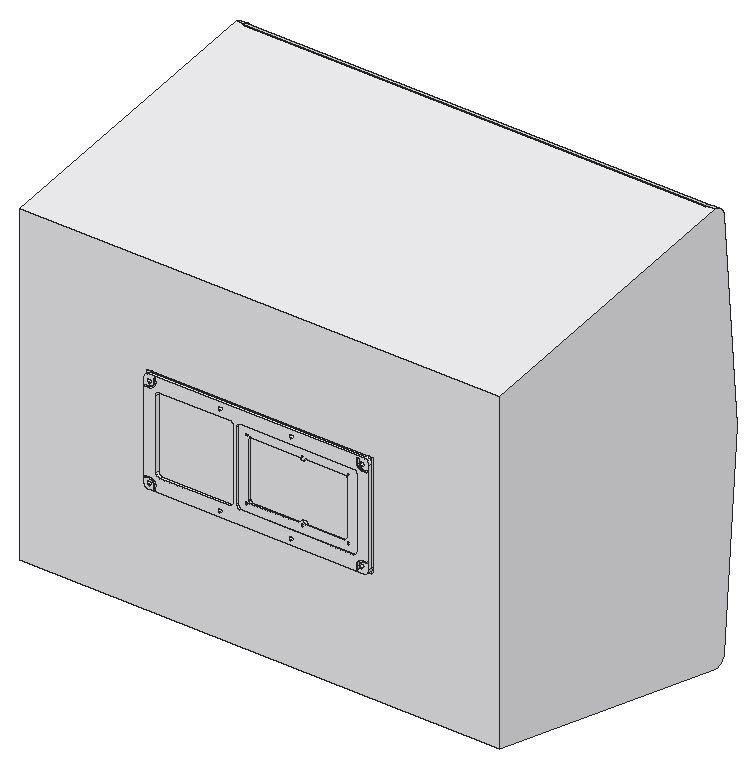
Revit family "EVA-2082S ", category Communication Devices, Revit 2017
Family settings
  Maintain Annotation Orientation = Yes
  Round Connector Dimension = Use Diameter
  Part Type = Normal
  OmniClass Number = 23.85.10.11.11.21
  OmniClass Title = Speakers
  Work Plane-Based = Yes
  Always vertical = Yes
  Cut with Voids When Loaded = No
  Shared = No
  Room Calculation Point = No
Parameters (values of type "EVA2082S920BLB_90x20_White_Weatherizad_Module")
  Version = "1"
  Uniclass2015Code = "Pr_60_75_08_02"
  URL = ""
  ProductInformation = "https://www.electrovoice.com/binary/EVA-2082S-920_Engineering_Data_Sheet.PDF"
  PlanningTools = "https://www.electrovoice.com/product.php?id=948#downloads"
  ModelNumber = "F.01U.272.492"
  Model = ""
  MaterialRALColour = "RAL9010"
  ManufacturerURL = "https://www.electrovoice.com"
  Manufacturer = "Electro Voice"
  LoudspeakerMaterial [instance] = 13-plyWeather-resistantBirchEVCoat -RAL9010
  GrillMaterial [instance] = 16GA Powder-coatedGalvanneal - W
  Default Elevation = 1219.20 mm
  CTN = "EVA2082S920BLB"
  BackHeight = 391.87 mm  # constant formula
  FrontHeight = 510.06 mm  # constant formula
  InstallationManual = "https://www.electrovoice.com/binary/EVA-2082S-920_Engineering_Data_Sheet.PDF"
  IfcExportType = "IfcBuildingElementProxyType"
  IfcExportAs = "IfcBuildingElementProxy"
  Length = 596.90 mm  # constant formula
  Disclaimer = "http://resource.boschsecurity.com/information/BIM/Disclaimer_Electrovoice.pdf"
  Description = "True Line Array Performance. 90° Horizontal Coverage Pattern. 20° Vertical Coverage Pattern. 104 dB Sensitivity.Hidden Suspension Hardware. Single Amplifier Channel Drive Configuration for Entire Array."
  Depth = 369.14 mm  # constant formula
  ArchitectsAndEngineersSpecs = "https://www.electrovoice.com/binary/EVA-2082S-920_Engineering_Data_Sheet.PDF"
Reference planes
  plane 1 "Center (Front/Back)": y = 0
  plane 2: z = 0
  plane 3 "Center (Left/Right)": x = 0
Forms (mm)
  Extrusion 1, solid
    sketch origin (41.08, 253.152, 45.022) x (-1, 0, 0) y (0, -1, 0)
      loop
        line (-20.634, 250.621) -> (-5.289, 250.621) -> (-5.289, 253.121) -> (-20.634, 253.121) -> (-20.634, 250.621)
    from 217.781 to 244.634
  Sweep 2, solid, material "16GA Powder-coatedGalvanneal - W" <- "GrillMaterial"
    path origin (-0.392, 184.6, -44.978) x (0, -1, 0) y (0, 0, 1)
      loop
        arc (-150.355, 48.511) -> (-154.655, 49.293) -> (-157.412, 52.685) r 6.299
        arc (-157.412, 52.685) -> (-181.841, 300.89) -> (-157.412, 549.095) r 1273.133
        arc (-157.412, 549.095) -> (-155.168, 552.599) -> (-151.14, 553.647) r 5.705
    profile origin (-0.392, 339.256, 4.315) x (0, 0.509089, -0.860714) y (-1, 0, 0)
      loop
        line (3.75, -287.41) -> (3.75, 287.59) -> (-3.25, 287.59) -> (-3.25, -287.41) -> (3.75, -287.41)
Lines and regions (mm)
  model lines
    curve 1: line (0, 0.043, 450.944) -> (0, 1.194, 450.944)
    curve 2: line (0, 0.03, 59.074) -> (0, 1.181, 59.074)
    curve 3: line (0, -335.567, 512.23) -> (0, -336.567, 512.23)
    curve 4: line (0, 335.984, 0) -> (0, 335.984, 512.23)
    curve 5: line (-298.45, 369.31, 280) -> (-290.482, 369.31, 280)
Dimensions and locks
  "BackHeight": curve 1 to curve 2
  equal spacing: nested 2, plane 3 "Center (Left/Right)", nested 2, locked at 298.45 each
  "Length": nested 2 to nested 2
  "Depth": plane 1 "Center (Front/Back)" to nested 2
  level to nested 2 = 512.23 mm
  "BackHeight": nested 2 to nested 2
  aligned and locked: plane 2 to level
Automatic sketch dimensions
  Extrusion 1 sketch curve to plane 1 "Center (Front/Back)" = 0.03 mm
  plane 3 "Center (Left/Right)" to Extrusion 1 sketch curve = 61.714 mm
  Extrusion 1 sketch curve to Extrusion 1 sketch curve = 15.346 mm
  Extrusion 1 sketch curve to Extrusion 1 sketch curve = 2.50 mm
  curve 4 to level = 0.00 mm
  plane 1 "Center (Front/Back)" to curve 3 = 336.567 mm
  curve 3 to curve 3 = 1.00 mm
  curve 2 to plane 1 "Center (Front/Back)" = 0.03 mm
  curve 1 to plane 1 "Center (Front/Back)" = 0.043 mm
  curve 2 to curve 2 = 1.151 mm
  curve 1 to curve 1 = 1.151 mm
  curve 4 to plane 1 "Center (Front/Back)" = 335.984 mm
  level to curve 2 = 59.074 mm
  curve 1 to curve 3 = 61.286 mm
  curve 1 to curve 4 = 61.286 mm
  profile plane to Sweep 2 sketch curve = 3.25 mm
  Sweep 2 sketch curve to profile plane = 3.75 mm
  Sweep 2 sketch curve to profile plane = 287.41 mm
  profile plane to Sweep 2 sketch curve = 287.59 mm
  Sweep 2 sketch curve to plane 1 "Center (Front/Back)" = 336.417 mm
  level to Sweep 2 sketch curve = 9.737 mm
  Sweep 2 sketch curve to plane 1 "Center (Front/Back)" = 336.049 mm
  level to Sweep 2 sketch curve = 255.912 mm
  Sweep 2 sketch curve to Sweep 2 sketch curve = 493.268 mm
  Sweep 2 sketch curve to Sweep 2 sketch curve = 5.963 mm
  Sweep 2 sketch curve to Sweep 2 sketch curve = 5.595 mm
  Sweep 2 sketch curve to Sweep 2 sketch curve = 0.00 mm
  Sweep 2 sketch curve to Sweep 2 sketch curve = 0.676 mm
  Sweep 2 sketch curve to Sweep 2 sketch curve = 1.094 mm
  Sweep 2 sketch curve to Sweep 2 sketch curve = 2.029 mm
  curve 5 to plane 3 "Center (Left/Right)" = 298.45 mm
  curve 5 to curve 5 = 7.968 mm
  curve 5 to plane 1 "Center (Front/Back)" = 369.31 mm
Nested families
  nested 1: "InputPanel" at (-0.196, 0.009, 202.844), LoudspeakerMaterial <- "LoudspeakerMaterial", type "InputPanel", detail levels medium+fine
    with LoudspeakerMaterial 13-plyWeather-resistantBirchEVCoat -RAL9010
  nested 2: "EVA-2082S_Enclosure" at (0, 166.978, 0), LoudspeakerMaterial <- "LoudspeakerMaterial", type "EVA-2082S_Enclosure"
    with LoudspeakerMaterial 13-plyWeather-resistantBirchEVCoat -RAL9010
  nested 3: "L-EV" at (239.042, 369.598, 259.708) x (-1, 0, 0) z (0, 0, 1), type "L-EV", detail levels fine
Connectors
  electrical at (54.042, 0.03, 276.23)
    settings: on Extrusion 1, index 4, voltage 0 V, apparent load 0 VA, apparent load phase1 0 VA, apparent load phase2 0 VA, apparent load phase3 0 VA, power factor 1, load classification "Other", number of poles 1, system type 31, power factor state 1, is connector primary yes, connector utility no, sub classification motor no, connector description ""
Definition of nested family "InputPanel"
  Parameters (values of type "InputPanel")
    Material = "RAL9010"
    LoudspeakerMaterial [instance] = none
    Default Elevation = 1219.20 mm
  Reference planes
    plane 1 "Center (Front/Back)": y = 0
    plane 2: z = 0
    plane 3 "Center (Left/Right)": x = 0
  Forms (mm)
    Extrusion 1, solid, material <- "LoudspeakerMaterial", not visible
      sketch origin (18.736, -0.5, -73.012) x (1, 0, 0) y (0, 0, 1)
        loop
          arc (-158.866, 199.012) -> (-159.481, 198.758) -> (-159.736, 198.143) r 0.869
          line (-159.736, 198.143) -> (-159.736, 73.882)
          arc (-159.736, 73.882) -> (-159.481, 73.267) -> (-158.866, 73.012) r 0.869
          line (-158.866, 73.012) -> (121.395, 73.012)
          arc (121.395, 73.012) -> (122.01, 73.267) -> (122.264, 73.882) r 0.869
          line (122.264, 73.882) -> (122.264, 198.143)
          arc (122.264, 198.143) -> (122.01, 198.758) -> (121.395, 199.012) r 0.869
          line (121.395, 199.012) -> (-158.866, 199.012)
      from 0 to -0.5
    Extrusion 2, solid, material <- "LoudspeakerMaterial", detail levels medium+fine
      sketch origin (0, 0, 0) x (1, 0, 0) y (0, 0, 1)
        loop
          line (134.909, 125.031) -> (-132.479, 125.031)
          arc (-132.479, 125.031) -> (-136.938, 123.184) -> (-138.785, 118.724) r 6.306
          line (-138.785, 118.724) -> (-138.785, 2.656)
          arc (-138.785, 2.656) -> (-137.145, -1.571) -> (-133.106, -3.618) r 6.306
          line (-133.106, -3.618) -> (134.923, -3.618)
          arc (134.923, -3.618) -> (139.382, -1.771) -> (141.229, 2.689) r 6.306
          line (141.229, 2.689) -> (141.215, 118.725)
          arc (141.215, 118.725) -> (139.367, 123.184) -> (134.909, 125.031) r 6.306
        loop
          line (-32, 109) -> (-119, 109)
          arc (-119, 109) -> (-122.536, 107.536) -> (-124, 104) r 5
          line (-124, 104) -> (-124, 18.073)
          arc (-124, 18.073) -> (-122.536, 14.537) -> (-119, 13.073) r 5
          line (-119, 13.073) -> (-32, 13.068)
          arc (-32, 13.068) -> (-28.464, 14.537) -> (-27, 18.073) r 5
          line (-27, 18.073) -> (-27, 104)
          arc (-27, 104) -> (-28.464, 107.536) -> (-32, 109) r 5
        loop
          line (121.931, 109) -> (-17.996, 109)
          arc (-17.996, 109) -> (-21.532, 107.536) -> (-22.996, 104) r 5
          line (-22.996, 104) -> (-22.996, 18.073)
          arc (-22.996, 18.073) -> (-21.532, 14.537) -> (-17.996, 13.073) r 5
          line (-17.996, 13.073) -> (121.931, 13.068)
          arc (121.931, 13.068) -> (125.466, 14.537) -> (126.931, 18.073) r 5
          line (126.931, 18.073) -> (126.931, 104)
          arc (126.931, 104) -> (125.466, 107.536) -> (121.931, 109) r 5
        loop
          circle (-131.217, 117.431) r 2.623
        loop
          circle (-43.03, 117.431) r 2.623
        loop
          circle (45.408, 117.431) r 2.623
        loop
          circle (133.136, 117.431) r 2.623
        loop
          circle (-131.469, 3.695) r 2.623
        loop
          circle (-43.281, 3.695) r 2.623
        loop
          circle (45.157, 3.695) r 2.623
        loop
          circle (132.885, 3.695) r 2.623
      from 0 to 6.219
    Extrusion 3, solid, material <- "LoudspeakerMaterial"
      sketch origin (0, 0, 0) x (1, 0, 0) y (0, 0, 1)
        loop
          line (-138.785, 125.031) -> (-138.785, -3.618) -> (141.23, -3.618) -> (141.214, 125.031) -> (-138.785, 125.031)
      from 0 to 2.027
    Extrusion 4, solid, material <- "LoudspeakerMaterial", detail levels fine
      sketch origin (0, 2.973, 0) x (1, 0, 0) y (0, 0, 1)
        loop
          arc (-17.996, 109) -> (-21.532, 107.536) -> (-22.996, 104) r 5
          line (-22.996, 104) -> (-22.996, 18.073)
          arc (-22.996, 18.073) -> (-21.53, 14.535) -> (-17.996, 13.068) r 5
          line (-17.996, 13.068) -> (121.931, 13.073)
          arc (121.931, 13.073) -> (125.466, 14.537) -> (126.931, 18.073) r 5
          line (126.931, 18.073) -> (126.931, 104)
          arc (126.931, 104) -> (125.466, 107.536) -> (121.931, 109) r 5
          line (121.931, 109) -> (-17.996, 109)
        loop
          line (54.039, 97.778) -> (-7.991, 97.77)
          arc (-7.991, 97.77) -> (-8.799, 96.096) -> (-10.285, 94.977) r 3.948
          line (-10.285, 94.977) -> (-10.277, 26.4)
          arc (-10.277, 26.4) -> (-8.791, 25.282) -> (-7.981, 23.608) r 3.948
          line (-7.981, 23.608) -> (54.048, 23.615)
          arc (54.048, 23.615) -> (57.907, 26.731) -> (61.766, 23.616) r 3.948
          line (61.766, 23.616) -> (111.183, 23.622)
          arc (111.183, 23.622) -> (111.992, 25.297) -> (113.478, 26.415) r 3.948
          line (113.478, 26.415) -> (113.47, 94.993)
          arc (113.47, 94.993) -> (111.984, 96.11) -> (111.174, 97.785) r 3.948
          line (111.174, 97.785) -> (61.757, 97.779)
          arc (61.757, 97.779) -> (57.899, 94.663) -> (54.039, 97.778) r 3.948
        loop
          circle (57.898, 98.611) r 1.593
        loop
          circle (57.898, 22.673) r 1.593
        loop
          circle (114.809, 98.611) r 1.593
        loop
          circle (114.809, 22.673) r 1.593
        loop
          circle (-11.512, 98.611) r 1.593
        loop
          circle (-11.512, 22.673) r 1.593
      from 7.5 to 5
    Extrusion 5, solid, material <- "LoudspeakerMaterial", detail levels fine
      sketch origin (0, -1.219, 0) x (1, 0, 0) y (0, 0, 1)
        loop
          arc (-136.087, 111.908) -> (-136.669, 111.554) -> (-136.853, 110.898) r 0.929
          line (-136.853, 110.898) -> (-130.706, 110.884)
          arc (-130.706, 110.884) -> (-126.61, 112.865) -> (-124.668, 116.98) r 6.83
          line (-124.668, 116.98) -> (-124.689, 123.07)
          arc (-124.689, 123.07) -> (-125.343, 122.884) -> (-125.696, 122.302) r 0.93
          line (-125.696, 122.302) -> (-125.681, 117.428)
          arc (-125.681, 117.428) -> (-127.297, 113.511) -> (-131.213, 111.895) r 5.516
          line (-131.213, 111.895) -> (-136.087, 111.908)
        loop
          line (-136.087, 9.439) -> (-131.213, 9.451)
          arc (-131.213, 9.451) -> (-127.297, 7.835) -> (-125.681, 3.918) r 5.516
          line (-125.681, 3.918) -> (-125.696, -0.955)
          arc (-125.696, -0.955) -> (-125.343, -1.537) -> (-124.689, -1.723) r 0.93
          line (-124.689, -1.723) -> (-124.668, 4.366)
          arc (-124.668, 4.366) -> (-126.61, 8.481) -> (-130.706, 10.463) r 6.83
          line (-130.706, 10.463) -> (-136.853, 10.449)
          arc (-136.853, 10.449) -> (-136.669, 9.793) -> (-136.087, 9.439) r 0.929
        loop
          line (138.516, 111.908) -> (133.643, 111.895)
          arc (133.643, 111.895) -> (129.726, 113.511) -> (128.11, 117.428) r 5.516
          line (128.11, 117.428) -> (128.125, 122.302)
          arc (128.125, 122.302) -> (127.773, 122.884) -> (127.118, 123.07) r 0.93
          line (127.118, 123.07) -> (127.098, 116.98)
          arc (127.098, 116.98) -> (129.04, 112.865) -> (133.136, 110.884) r 6.83
          line (133.136, 110.884) -> (139.283, 110.898)
          arc (139.283, 110.898) -> (139.098, 111.554) -> (138.516, 111.908) r 0.929
        loop
          arc (138.516, 9.439) -> (139.098, 9.793) -> (139.283, 10.449) r 0.929
          line (139.283, 10.449) -> (133.136, 10.463)
          arc (133.136, 10.463) -> (129.04, 8.481) -> (127.098, 4.366) r 6.83
          line (127.098, 4.366) -> (127.118, -1.723)
          arc (127.118, -1.723) -> (127.773, -1.537) -> (128.125, -0.955) r 0.93
          line (128.125, -0.955) -> (128.11, 3.918)
          arc (128.11, 3.918) -> (129.726, 7.835) -> (133.643, 9.451) r 5.516
          line (133.643, 9.451) -> (138.516, 9.439)
      from 6 to 5
  Lines and regions (mm)
    model lines, not visible
      curve 1: arc (59.415, -9.5, 70.232) -> (59.756, -9.5, 68.636) -> (60.858, -9.5, 67.432) r 3.109
      curve 2: arc (59.414, -9.5, 82.845) -> (59.754, -9.5, 81.249) -> (60.857, -9.5, 80.045) r 3.109
      curve 3: arc (59.417, -9.5, 63.926) -> (59.752, -9.5, 62.34) -> (60.84, -9.5, 61.139) r 3.108
      curve 4: arc (59.415, -9.5, 76.539) -> (59.75, -9.5, 74.953) -> (60.838, -9.5, 73.752) r 3.108
      curve 5: arc (60.711, -9.5, 72.945) -> (59.72, -9.5, 71.753) -> (59.414, -9.5, 70.232) r 3.166
      curve 6: arc (60.71, -9.5, 85.557) -> (59.718, -9.5, 84.365) -> (59.412, -9.5, 82.845) r 3.166
      curve 7: arc (60.712, -9.5, 66.637) -> (59.721, -9.5, 65.445) -> (59.415, -9.5, 63.926) r 3.165
      curve 8: arc (60.71, -9.5, 79.25) -> (59.72, -9.5, 78.058) -> (59.414, -9.5, 76.539) r 3.165
      curve 9: arc (59.062, -9.5, 76.539) -> (58.721, -9.5, 78.135) -> (57.618, -9.5, 79.339) r 3.109
      curve 10: arc (59.063, -9.5, 63.926) -> (58.723, -9.5, 65.522) -> (57.62, -9.5, 66.726) r 3.109
      curve 11: arc (59.06, -9.5, 82.845) -> (58.725, -9.5, 84.431) -> (57.637, -9.5, 85.632) r 3.108
      curve 12: arc (59.062, -9.5, 70.232) -> (58.726, -9.5, 71.818) -> (57.638, -9.5, 73.019) r 3.108
      curve 13: arc (57.765, -9.5, 73.826) -> (58.757, -9.5, 75.018) -> (59.063, -9.5, 76.539) r 3.166
      curve 14: arc (57.767, -9.5, 61.214) -> (58.758, -9.5, 62.406) -> (59.065, -9.5, 63.926) r 3.166
      curve 15: arc (57.765, -9.5, 80.134) -> (58.756, -9.5, 81.326) -> (59.062, -9.5, 82.845) r 3.165
      curve 16: arc (57.767, -9.5, 67.521) -> (58.757, -9.5, 68.713) -> (59.063, -9.5, 70.232) r 3.165
      curve 17: arc (62.678, -9.5, 67.687) -> (63.752, -9.5, 68.757) -> (64.103, -9.5, 70.233) r 2.775
      curve 18: arc (63.369, -9.5, 67.367) -> (64.444, -9.5, 68.62) -> (64.794, -9.5, 70.233) r 3.371
      curve 19: arc (62.678, -9.5, 67.687) -> (62.999, -9.5, 67.474) -> (63.369, -9.5, 67.367) r 1.273
      curve 20: arc (62.676, -9.5, 80.299) -> (63.75, -9.5, 81.37) -> (64.101, -9.5, 82.846) r 2.775
      curve 21: arc (63.368, -9.5, 79.98) -> (64.442, -9.5, 81.233) -> (64.793, -9.5, 82.846) r 3.371
      curve 22: arc (62.676, -9.5, 80.299) -> (62.998, -9.5, 80.087) -> (63.368, -9.5, 79.98) r 1.273
      curve 23: arc (62.679, -9.5, 61.381) -> (63.752, -9.5, 62.452) -> (64.103, -9.5, 63.927) r 2.774
      curve 24: arc (63.37, -9.5, 61.062) -> (64.444, -9.5, 62.315) -> (64.794, -9.5, 63.927) r 3.37
      curve 25: arc (62.679, -9.5, 61.381) -> (63, -9.5, 61.169) -> (63.37, -9.5, 61.062) r 1.273
      curve 26: arc (62.677, -9.5, 73.994) -> (63.751, -9.5, 75.064) -> (64.101, -9.5, 76.539) r 2.774
      curve 27: arc (63.369, -9.5, 73.675) -> (64.442, -9.5, 74.927) -> (64.793, -9.5, 76.539) r 3.37
      curve 28: arc (62.677, -9.5, 73.994) -> (62.998, -9.5, 73.781) -> (63.369, -9.5, 73.675) r 1.273
      curve 29: arc (64.103, -9.5, 70.233) -> (63.752, -9.5, 71.708) -> (62.677, -9.5, 72.779) r 2.775
      curve 30: arc (63.369, -9.5, 73.098) -> (62.999, -9.5, 72.992) -> (62.677, -9.5, 72.779) r 1.273
      curve 31: arc (64.794, -9.5, 70.233) -> (64.443, -9.5, 71.846) -> (63.369, -9.5, 73.098) r 3.371
      curve 32: arc (64.101, -9.5, 82.846) -> (63.75, -9.5, 84.321) -> (62.676, -9.5, 85.392) r 2.775
      curve 33: arc (63.367, -9.5, 85.711) -> (62.997, -9.5, 85.604) -> (62.676, -9.5, 85.392) r 1.273
      curve 34: arc (64.793, -9.5, 82.846) -> (64.442, -9.5, 84.458) -> (63.367, -9.5, 85.711) r 3.371
      curve 35: arc (64.103, -9.5, 63.927) -> (63.752, -9.5, 65.401) -> (62.678, -9.5, 66.472) r 2.774
      curve 36: arc (63.37, -9.5, 66.791) -> (62.999, -9.5, 66.684) -> (62.678, -9.5, 66.472) r 1.273
      curve 37: arc (64.794, -9.5, 63.927) -> (64.444, -9.5, 65.539) -> (63.37, -9.5, 66.791) r 3.37
      curve 38: arc (64.101, -9.5, 76.539) -> (63.75, -9.5, 78.014) -> (62.676, -9.5, 79.084) r 2.774
      curve 39: arc (63.368, -9.5, 79.404) -> (62.998, -9.5, 79.297) -> (62.676, -9.5, 79.084) r 1.273
      curve 40: arc (64.793, -9.5, 76.539) -> (64.442, -9.5, 78.151) -> (63.368, -9.5, 79.404) r 3.37
      curve 41: arc (59.627, -9.5, 63.926) -> (59.978, -9.5, 62.451) -> (61.052, -9.5, 61.381) r 2.774
      curve 42: arc (61.051, -9.5, 66.471) -> (59.977, -9.5, 65.401) -> (59.627, -9.5, 63.926) r 2.774
      curve 43: arc (59.625, -9.5, 70.232) -> (59.976, -9.5, 68.757) -> (61.051, -9.5, 67.686) r 2.775
      curve 44: arc (61.05, -9.5, 72.779) -> (59.976, -9.5, 71.708) -> (59.625, -9.5, 70.232) r 2.775
      curve 45: arc (59.625, -9.5, 76.539) -> (59.976, -9.5, 75.064) -> (61.05, -9.5, 73.994) r 2.774
      curve 46: arc (61.049, -9.5, 79.084) -> (59.976, -9.5, 78.014) -> (59.625, -9.5, 76.539) r 2.774
      curve 47: arc (59.624, -9.5, 82.845) -> (59.975, -9.5, 81.37) -> (61.049, -9.5, 80.299) r 2.775
      curve 48: arc (61.049, -9.5, 85.391) -> (59.975, -9.5, 84.321) -> (59.624, -9.5, 82.845) r 2.775
      curve 49: arc (65.487, -9.5, 67.368) -> (66.537, -9.5, 68.57) -> (66.91, -9.5, 70.123) r 3.348
      curve 50: arc (65.485, -9.5, 79.98) -> (66.535, -9.5, 81.183) -> (66.909, -9.5, 82.735) r 3.348
      curve 51: arc (66.91, -9.5, 70.344) -> (66.536, -9.5, 71.896) -> (65.486, -9.5, 73.099) r 3.348
      curve 52: arc (66.909, -9.5, 82.956) -> (66.535, -9.5, 84.509) -> (65.485, -9.5, 85.711) r 3.348
      curve 53: arc (65.488, -9.5, 61.062) -> (66.543, -9.5, 62.278) -> (66.911, -9.5, 63.846) r 3.353
      curve 54: arc (65.486, -9.5, 73.675) -> (66.542, -9.5, 74.891) -> (66.909, -9.5, 76.458) r 3.353
      curve 55: arc (66.911, -9.5, 64.008) -> (66.543, -9.5, 65.576) -> (65.487, -9.5, 66.791) r 3.353
      curve 56: arc (66.909, -9.5, 76.621) -> (66.542, -9.5, 78.189) -> (65.485, -9.5, 79.404) r 3.353
      curve 57: arc (61.368, -9.5, 70.233) -> (61.701, -9.5, 68.86) -> (62.728, -9.5, 67.892) r 2.482
      curve 58: arc (61.369, -9.5, 63.926) -> (61.702, -9.5, 62.554) -> (62.729, -9.5, 61.585) r 2.482
      curve 59: arc (61.777, -9.5, 65.419) -> (61.47, -9.5, 64.701) -> (61.369, -9.5, 63.926) r 2.857
      curve 60: arc (62.453, -9.5, 65.577) -> (62.398, -9.5, 65.499) -> (62.347, -9.5, 65.419) r 2.446
      curve 61: arc (61.777, -9.5, 71.725) -> (61.469, -9.5, 71.007) -> (61.368, -9.5, 70.233) r 2.857
      curve 62: arc (62.452, -9.5, 71.883) -> (62.398, -9.5, 71.805) -> (62.346, -9.5, 71.725) r 2.446
      curve 63: arc (61.367, -9.5, 76.539) -> (61.7, -9.5, 75.167) -> (62.727, -9.5, 74.198) r 2.482
      curve 64: arc (61.367, -9.5, 82.845) -> (61.699, -9.5, 81.473) -> (62.727, -9.5, 80.504) r 2.482
      curve 65: arc (61.776, -9.5, 78.031) -> (61.469, -9.5, 77.313) -> (61.367, -9.5, 76.539) r 2.857
      curve 66: arc (62.452, -9.5, 78.19) -> (62.397, -9.5, 78.112) -> (62.345, -9.5, 78.032) r 2.446
      curve 67: arc (61.775, -9.5, 84.338) -> (61.468, -9.5, 83.62) -> (61.367, -9.5, 82.845) r 2.857
      curve 68: arc (62.451, -9.5, 84.496) -> (62.396, -9.5, 84.418) -> (62.345, -9.5, 84.338) r 2.446
      curve 69: arc (55.799, -9.5, 79.084) -> (54.725, -9.5, 78.014) -> (54.374, -9.5, 76.538) r 2.775
      curve 70: arc (55.107, -9.5, 79.404) -> (54.033, -9.5, 78.151) -> (53.682, -9.5, 76.538) r 3.371
      curve 71: arc (55.799, -9.5, 79.084) -> (55.478, -9.5, 79.297) -> (55.107, -9.5, 79.404) r 1.273
      curve 72: arc (55.8, -9.5, 66.472) -> (54.726, -9.5, 65.401) -> (54.376, -9.5, 63.925) r 2.775
      curve 73: arc (55.109, -9.5, 66.791) -> (54.035, -9.5, 65.538) -> (53.684, -9.5, 63.925) r 3.371
      curve 74: arc (55.8, -9.5, 66.472) -> (55.479, -9.5, 66.684) -> (55.109, -9.5, 66.791) r 1.273
      curve 75: arc (55.798, -9.5, 85.39) -> (54.725, -9.5, 84.319) -> (54.374, -9.5, 82.844) r 2.774
      curve 76: arc (55.107, -9.5, 85.709) -> (54.033, -9.5, 84.456) -> (53.682, -9.5, 82.844) r 3.37
      curve 77: arc (55.798, -9.5, 85.39) -> (55.477, -9.5, 85.602) -> (55.107, -9.5, 85.709) r 1.273
      curve 78: arc (55.8, -9.5, 72.777) -> (54.726, -9.5, 71.707) -> (54.376, -9.5, 70.232) r 2.774
      curve 79: arc (55.108, -9.5, 73.096) -> (54.034, -9.5, 71.844) -> (53.684, -9.5, 70.232) r 3.37
      curve 80: arc (55.8, -9.5, 72.777) -> (55.478, -9.5, 72.99) -> (55.108, -9.5, 73.096) r 1.273
      curve 81: arc (54.374, -9.5, 76.538) -> (54.725, -9.5, 75.063) -> (55.8, -9.5, 73.992) r 2.775
      curve 82: arc (55.108, -9.5, 73.673) -> (55.478, -9.5, 73.779) -> (55.8, -9.5, 73.992) r 1.273
      curve 83: arc (53.682, -9.5, 76.538) -> (54.033, -9.5, 74.925) -> (55.108, -9.5, 73.673) r 3.371
      curve 84: arc (54.376, -9.5, 63.925) -> (54.727, -9.5, 62.45) -> (55.801, -9.5, 61.379) r 2.775
      curve 85: arc (55.11, -9.5, 61.06) -> (55.48, -9.5, 61.167) -> (55.801, -9.5, 61.379) r 1.273
      curve 86: arc (53.684, -9.5, 63.925) -> (54.035, -9.5, 62.313) -> (55.11, -9.5, 61.06) r 3.371
      curve 87: arc (54.374, -9.5, 82.844) -> (54.725, -9.5, 81.369) -> (55.799, -9.5, 80.299) r 2.774
      curve 88: arc (55.107, -9.5, 79.98) -> (55.477, -9.5, 80.087) -> (55.799, -9.5, 80.299) r 1.273
      curve 89: arc (53.682, -9.5, 82.844) -> (54.033, -9.5, 81.232) -> (55.107, -9.5, 79.98) r 3.37
      curve 90: arc (54.376, -9.5, 70.232) -> (54.726, -9.5, 68.757) -> (55.8, -9.5, 67.687) r 2.774
      curve 91: arc (55.109, -9.5, 67.367) -> (55.479, -9.5, 67.474) -> (55.8, -9.5, 67.687) r 1.273
      curve 92: arc (53.684, -9.5, 70.232) -> (54.035, -9.5, 68.62) -> (55.109, -9.5, 67.367) r 3.37
      curve 93: arc (58.85, -9.5, 82.845) -> (58.499, -9.5, 84.32) -> (57.425, -9.5, 85.39) r 2.774
      curve 94: arc (57.426, -9.5, 80.3) -> (58.499, -9.5, 81.37) -> (58.85, -9.5, 82.845) r 2.774
      curve 95: arc (58.851, -9.5, 76.539) -> (58.5, -9.5, 78.014) -> (57.426, -9.5, 79.085) r 2.775
      curve 96: arc (57.427, -9.5, 73.992) -> (58.501, -9.5, 75.063) -> (58.851, -9.5, 76.539) r 2.775
      curve 97: arc (58.852, -9.5, 70.232) -> (58.501, -9.5, 71.707) -> (57.427, -9.5, 72.777) r 2.774
      curve 98: arc (57.427, -9.5, 67.687) -> (58.501, -9.5, 68.757) -> (58.852, -9.5, 70.232) r 2.774
      curve 99: arc (58.853, -9.5, 63.926) -> (58.502, -9.5, 65.401) -> (57.428, -9.5, 66.472) r 2.775
      curve 100: arc (57.428, -9.5, 61.38) -> (58.502, -9.5, 62.45) -> (58.853, -9.5, 63.926) r 2.775
      curve 101: arc (52.99, -9.5, 79.403) -> (51.94, -9.5, 78.2) -> (51.567, -9.5, 76.648) r 3.348
      curve 102: arc (52.991, -9.5, 66.791) -> (51.942, -9.5, 65.588) -> (51.568, -9.5, 64.036) r 3.348
      curve 103: arc (51.567, -9.5, 76.427) -> (51.94, -9.5, 74.875) -> (52.991, -9.5, 73.672) r 3.348
      curve 104: arc (51.568, -9.5, 63.815) -> (51.942, -9.5, 62.262) -> (52.992, -9.5, 61.06) r 3.348
      curve 105: arc (52.989, -9.5, 85.709) -> (51.933, -9.5, 84.493) -> (51.566, -9.5, 82.925) r 3.353
      curve 106: arc (52.991, -9.5, 73.096) -> (51.935, -9.5, 71.88) -> (51.567, -9.5, 70.313) r 3.353
      curve 107: arc (51.566, -9.5, 82.763) -> (51.934, -9.5, 81.195) -> (52.99, -9.5, 79.98) r 3.353
      curve 108: arc (51.567, -9.5, 70.15) -> (51.935, -9.5, 68.582) -> (52.991, -9.5, 67.367) r 3.353
      curve 109: arc (57.108, -9.5, 82.845) -> (56.775, -9.5, 84.217) -> (55.748, -9.5, 85.186) r 2.482
      curve 110: arc (57.109, -9.5, 76.538) -> (56.776, -9.5, 77.911) -> (55.749, -9.5, 78.879) r 2.482
      curve 111: arc (56.7, -9.5, 75.046) -> (57.007, -9.5, 75.764) -> (57.109, -9.5, 76.538) r 2.857
      curve 112: arc (56.024, -9.5, 74.888) -> (56.079, -9.5, 74.966) -> (56.131, -9.5, 75.046) r 2.446
      curve 113: arc (56.699, -9.5, 81.352) -> (57.007, -9.5, 82.07) -> (57.108, -9.5, 82.845) r 2.857
      curve 114: arc (56.024, -9.5, 81.194) -> (56.078, -9.5, 81.272) -> (56.13, -9.5, 81.352) r 2.446
      curve 115: arc (57.109, -9.5, 70.232) -> (56.777, -9.5, 71.604) -> (55.749, -9.5, 72.573) r 2.482
      curve 116: arc (57.11, -9.5, 63.926) -> (56.777, -9.5, 65.298) -> (55.75, -9.5, 66.267) r 2.482
      curve 117: arc (56.702, -9.5, 62.433) -> (57.009, -9.5, 63.151) -> (57.11, -9.5, 63.926) r 2.857
      curve 118: arc (56.026, -9.5, 62.275) -> (56.081, -9.5, 62.353) -> (56.132, -9.5, 62.433) r 2.446
      curve 119: arc (56.701, -9.5, 68.739) -> (57.008, -9.5, 69.458) -> (57.109, -9.5, 70.232) r 2.857
      curve 120: arc (56.025, -9.5, 68.581) -> (56.08, -9.5, 68.659) -> (56.131, -9.5, 68.739) r 2.446
      curve 121: spline (77.962, -9.5, 59.963) -> (78.093, -9.5, 59.972) -> (78.223, -9.5, 59.998) -> (78.348, -9.5, 60.04) -> (78.466, -9.5, 60.099) -> (78.576, -9.5, 60.172) -> (78.675, -9.5, 60.259) -> (78.762, -9.5, 60.358) -> (78.835, -9.5, 60.468) -> (78.894, -9.5, 60.586) -> (78.936, -9.5, 60.711) -> (78.962, -9.5, 60.841) -> (78.97, -9.5, 60.972)
      curve 122: spline (78.967, -9.5, 85.803) -> (78.959, -9.5, 85.935) -> (78.933, -9.5, 86.065) -> (78.891, -9.5, 86.19) -> (78.832, -9.5, 86.308) -> (78.759, -9.5, 86.418) -> (78.672, -9.5, 86.517) -> (78.573, -9.5, 86.604) -> (78.463, -9.5, 86.677) -> (78.344, -9.5, 86.735) -> (78.22, -9.5, 86.778) -> (78.09, -9.5, 86.804) -> (77.958, -9.5, 86.812)
      curve 123: spline (40.515, -9.5, 86.808) -> (40.383, -9.5, 86.799) -> (40.254, -9.5, 86.773) -> (40.129, -9.5, 86.731) -> (40.01, -9.5, 86.672) -> (39.901, -9.5, 86.599) -> (39.801, -9.5, 86.512) -> (39.714, -9.5, 86.413) -> (39.641, -9.5, 86.303) -> (39.583, -9.5, 86.185) -> (39.54, -9.5, 86.06) -> (39.515, -9.5, 85.93) -> (39.506, -9.5, 85.799)
      curve 124: spline (39.509, -9.5, 60.97) -> (39.517, -9.5, 60.838) -> (39.543, -9.5, 60.708) -> (39.585, -9.5, 60.583) -> (39.643, -9.5, 60.464) -> (39.717, -9.5, 60.354) -> (39.804, -9.5, 60.255) -> (39.903, -9.5, 60.168) -> (40.013, -9.5, 60.094) -> (40.131, -9.5, 60.036) -> (40.256, -9.5, 59.993) -> (40.386, -9.5, 59.967) -> (40.518, -9.5, 59.959)
      curve 125: spline (40.57, -9.5, 86.753) -> (40.438, -9.5, 86.744) -> (40.309, -9.5, 86.718) -> (40.184, -9.5, 86.676) -> (40.065, -9.5, 86.617) -> (39.956, -9.5, 86.544) -> (39.856, -9.5, 86.457) -> (39.769, -9.5, 86.358) -> (39.696, -9.5, 86.248) -> (39.638, -9.5, 86.13) -> (39.595, -9.5, 86.005) -> (39.57, -9.5, 85.875) -> (39.561, -9.5, 85.744)
      curve 126: spline (39.564, -9.5, 61.023) -> (39.573, -9.5, 60.891) -> (39.598, -9.5, 60.761) -> (39.641, -9.5, 60.636) -> (39.699, -9.5, 60.518) -> (39.773, -9.5, 60.408) -> (39.86, -9.5, 60.309) -> (39.959, -9.5, 60.222) -> (40.069, -9.5, 60.149) -> (40.187, -9.5, 60.091) -> (40.312, -9.5, 60.048) -> (40.441, -9.5, 60.022) -> (40.573, -9.5, 60.014)
      curve 127: spline (78.912, -9.5, 85.748) -> (78.904, -9.5, 85.88) -> (78.878, -9.5, 86.01) -> (78.835, -9.5, 86.134) -> (78.777, -9.5, 86.253) -> (78.704, -9.5, 86.363) -> (78.617, -9.5, 86.462) -> (78.518, -9.5, 86.549) -> (78.408, -9.5, 86.622) -> (78.289, -9.5, 86.68) -> (78.164, -9.5, 86.723) -> (78.035, -9.5, 86.749) -> (77.903, -9.5, 86.757)
      curve 128: spline (77.907, -9.5, 60.018) -> (78.038, -9.5, 60.027) -> (78.168, -9.5, 60.053) -> (78.293, -9.5, 60.095) -> (78.411, -9.5, 60.154) -> (78.521, -9.5, 60.227) -> (78.62, -9.5, 60.314) -> (78.707, -9.5, 60.413) -> (78.78, -9.5, 60.523) -> (78.839, -9.5, 60.641) -> (78.881, -9.5, 60.766) -> (78.907, -9.5, 60.896) -> (78.915, -9.5, 61.027)
      curve 129: line (63.979, -9.5, 70.233) -> (63.818, -9.5, 71.221)
      curve 130: line (63.818, -9.5, 71.221) -> (63.359, -9.5, 72.059)
      curve 131: line (63.359, -9.5, 72.059) -> (62.673, -9.5, 72.618)
      curve 132: line (62.673, -9.5, 72.618) -> (61.864, -9.5, 72.815)
      curve 133: line (61.864, -9.5, 72.815) -> (61.054, -9.5, 72.618)
      curve 134: line (61.054, -9.5, 72.618) -> (60.368, -9.5, 72.058)
      curve 135: line (60.368, -9.5, 72.058) -> (59.91, -9.5, 71.221)
      curve 136: line (59.91, -9.5, 71.221) -> (59.749, -9.5, 70.232)
      curve 137: line (59.749, -9.5, 70.232) -> (59.91, -9.5, 69.244)
      curve 138: line (59.91, -9.5, 69.244) -> (60.369, -9.5, 68.407)
      curve 139: line (60.369, -9.5, 68.407) -> (61.055, -9.5, 67.847)
      curve 140: line (61.055, -9.5, 67.847) -> (61.864, -9.5, 67.651)
      curve 141: line (61.864, -9.5, 67.651) -> (62.674, -9.5, 67.847)
      curve 142: line (62.674, -9.5, 67.847) -> (63.36, -9.5, 68.407)
      curve 143: line (63.36, -9.5, 68.407) -> (63.815, -9.5, 69.238)
      curve 144: line (63.818, -9.5, 69.245) -> (64.103, -9.5, 70.233)
      curve 145: line (64.103, -9.5, 70.233) -> (64.794, -9.5, 70.233)
      curve 146: line (64.794, -9.5, 70.233) -> (66.912, -9.5, 70.233)
      curve 147: line (66.912, -9.5, 70.233) -> (66.911, -9.5, 64.008)
      curve 148: line (63.978, -9.5, 82.846) -> (63.817, -9.5, 83.834)
      curve 149: line (63.817, -9.5, 83.834) -> (63.358, -9.5, 84.671)
      curve 150: line (63.358, -9.5, 84.671) -> (62.672, -9.5, 85.231)
      curve 151: line (62.672, -9.5, 85.231) -> (61.862, -9.5, 85.427)
      curve 152: line (61.862, -9.5, 85.427) -> (61.053, -9.5, 85.231)
      curve 153: line (61.053, -9.5, 85.231) -> (60.367, -9.5, 84.671)
      curve 154: line (60.367, -9.5, 84.671) -> (59.908, -9.5, 83.833)
      curve 155: line (59.908, -9.5, 83.833) -> (59.747, -9.5, 82.845)
      curve 156: line (59.747, -9.5, 82.845) -> (59.908, -9.5, 81.857)
      curve 157: line (59.908, -9.5, 81.857) -> (60.367, -9.5, 81.019)
      curve 158: line (60.367, -9.5, 81.019) -> (61.053, -9.5, 80.46)
      curve 159: line (61.053, -9.5, 80.46) -> (61.863, -9.5, 80.263)
      curve 160: line (61.863, -9.5, 80.263) -> (62.672, -9.5, 80.46)
      curve 161: line (62.672, -9.5, 80.46) -> (63.358, -9.5, 81.02)
      curve 162: line (63.358, -9.5, 81.02) -> (63.813, -9.5, 81.851)
      curve 163: line (63.817, -9.5, 81.857) -> (64.101, -9.5, 82.846)
      curve 164: line (64.101, -9.5, 82.846) -> (64.793, -9.5, 82.846)
      curve 165: line (64.793, -9.5, 82.846) -> (66.91, -9.5, 82.846)
      curve 166: line (66.91, -9.5, 82.846) -> (66.909, -9.5, 76.621)
      curve 167: line (63.98, -9.5, 63.927) -> (63.819, -9.5, 64.915)
      curve 168: line (63.819, -9.5, 64.915) -> (63.36, -9.5, 65.752)
      curve 169: line (63.36, -9.5, 65.752) -> (62.674, -9.5, 66.312)
      curve 170: line (62.674, -9.5, 66.312) -> (61.864, -9.5, 66.508)
      curve 171: line (61.864, -9.5, 66.508) -> (61.055, -9.5, 66.312)
      curve 172: line (61.055, -9.5, 66.312) -> (60.369, -9.5, 65.752)
      curve 173: line (60.369, -9.5, 65.752) -> (59.911, -9.5, 64.914)
      curve 174: line (59.911, -9.5, 64.914) -> (59.75, -9.5, 63.926)
      curve 175: line (59.75, -9.5, 63.926) -> (59.911, -9.5, 62.938)
      curve 176: line (59.911, -9.5, 62.938) -> (60.369, -9.5, 62.1)
      curve 177: line (60.369, -9.5, 62.1) -> (61.056, -9.5, 61.541)
      curve 178: line (61.056, -9.5, 61.541) -> (61.865, -9.5, 61.344)
      curve 179: line (61.865, -9.5, 61.344) -> (62.675, -9.5, 61.541)
      curve 180: line (62.675, -9.5, 61.541) -> (63.361, -9.5, 62.101)
      curve 181: line (63.361, -9.5, 62.101) -> (63.815, -9.5, 62.932)
      curve 182: line (63.819, -9.5, 62.938) -> (64.103, -9.5, 63.927)
      curve 183: line (64.103, -9.5, 63.927) -> (64.794, -9.5, 63.927)
      curve 184: line (64.794, -9.5, 63.927) -> (66.912, -9.5, 63.927)
      curve 185: line (66.912, -9.5, 63.927) -> (66.911, -9.5, 60.774)
      curve 186: line (66.911, -9.5, 60.774) -> (65.488, -9.5, 60.774)
      curve 187: line (65.488, -9.5, 60.774) -> (68.6, -9.5, 60.646)
      curve 188: line (68.6, -9.5, 60.646) -> (68.722, -9.5, 60.469)
      curve 189: line (68.722, -9.5, 60.469) -> (65.589, -9.5, 60.469)
      curve 190: line (65.589, -9.5, 60.469) -> (65.467, -9.5, 60.646)
      curve 191: line (63.978, -9.5, 76.539) -> (63.817, -9.5, 77.527)
      curve 192: line (63.817, -9.5, 77.527) -> (63.359, -9.5, 78.365)
      curve 193: line (63.359, -9.5, 78.365) -> (62.672, -9.5, 78.925)
      curve 194: line (62.672, -9.5, 78.925) -> (61.863, -9.5, 79.121)
      curve 195: line (61.863, -9.5, 79.121) -> (61.054, -9.5, 78.924)
      curve 196: line (61.054, -9.5, 78.924) -> (60.367, -9.5, 78.365)
      curve 197: line (60.367, -9.5, 78.365) -> (59.909, -9.5, 77.527)
      curve 198: line (59.909, -9.5, 77.527) -> (59.748, -9.5, 76.539)
      curve 199: line (59.748, -9.5, 76.539) -> (59.909, -9.5, 75.551)
      curve 200: line (59.909, -9.5, 75.551) -> (60.368, -9.5, 74.713)
      curve 201: line (60.368, -9.5, 74.713) -> (61.054, -9.5, 74.153)
      curve 202: line (61.054, -9.5, 74.153) -> (61.864, -9.5, 73.957)
      curve 203: line (61.864, -9.5, 73.957) -> (62.673, -9.5, 74.153)
      curve 204: line (62.673, -9.5, 74.153) -> (63.359, -9.5, 74.713)
      curve 205: line (63.359, -9.5, 74.713) -> (63.814, -9.5, 75.544)
      curve 206: line (63.818, -9.5, 75.551) -> (64.101, -9.5, 76.539)
      curve 207: line (64.101, -9.5, 76.539) -> (64.793, -9.5, 76.539)
      curve 208: line (64.793, -9.5, 76.539) -> (66.91, -9.5, 76.54)
      curve 209: line (66.91, -9.5, 76.54) -> (66.91, -9.5, 70.344)
      curve 210: line (61.049, -9.5, 85.998) -> (60.837, -9.5, 85.998)
      curve 211: line (60.837, -9.5, 85.998) -> (60.837, -9.5, 85.655)
      curve 212: line (60.916, -9.5, 85.517) -> (61.049, -9.5, 85.391)
      curve 213: line (61.049, -9.5, 85.391) -> (61.049, -9.5, 85.998)
      curve 214: line (61.049, -9.5, 85.998) -> (62.676, -9.5, 85.999)
      curve 215: line (62.676, -9.5, 85.999) -> (62.676, -9.5, 85.392)
      curve 216: line (62.676, -9.5, 79.084) -> (62.676, -9.5, 80.299)
      curve 217: line (62.677, -9.5, 72.779) -> (62.677, -9.5, 73.994)
      curve 218: line (62.678, -9.5, 66.472) -> (62.678, -9.5, 67.687)
      curve 219: line (61.052, -9.5, 60.773) -> (60.84, -9.5, 60.773)
      curve 220: line (60.84, -9.5, 60.773) -> (60.84, -9.5, 61.139)
      curve 221: line (60.918, -9.5, 61.255) -> (61.052, -9.5, 61.381)
      curve 222: line (61.052, -9.5, 61.381) -> (61.052, -9.5, 60.773)
      curve 223: line (61.052, -9.5, 60.773) -> (62.679, -9.5, 60.773)
      curve 224: line (62.679, -9.5, 60.773) -> (62.679, -9.5, 61.381)
      curve 225: line (60.839, -9.5, 66.735) -> (60.842, -9.5, 67.413)
      curve 226: line (60.918, -9.5, 67.56) -> (61.051, -9.5, 67.686)
      curve 227: line (61.051, -9.5, 67.686) -> (61.051, -9.5, 66.471)
      curve 228: line (61.051, -9.5, 66.471) -> (60.918, -9.5, 66.598)
      curve 229: line (61.05, -9.5, 72.779) -> (61.05, -9.5, 73.994)
      curve 230: line (61.05, -9.5, 73.994) -> (60.917, -9.5, 73.867)
      curve 231: line (60.838, -9.5, 73.752) -> (60.838, -9.5, 73.043)
      curve 232: line (60.917, -9.5, 72.905) -> (61.05, -9.5, 72.779)
      curve 233: line (60.838, -9.5, 79.348) -> (60.841, -9.5, 80.026)
      curve 234: line (60.916, -9.5, 80.173) -> (61.049, -9.5, 80.299)
      curve 235: line (61.049, -9.5, 80.299) -> (61.049, -9.5, 79.084)
      curve 236: line (61.049, -9.5, 79.084) -> (60.916, -9.5, 79.21)
      curve 237: line (65.486, -9.5, 73.675) -> (63.369, -9.5, 73.675)
      curve 238: line (63.369, -9.5, 73.675) -> (63.369, -9.5, 73.098)
      curve 239: line (63.369, -9.5, 73.098) -> (65.486, -9.5, 73.099)
      curve 240: line (65.486, -9.5, 73.099) -> (65.486, -9.5, 73.675)
      curve 241: line (65.487, -9.5, 67.368) -> (65.487, -9.5, 66.791)
      curve 242: line (65.487, -9.5, 66.791) -> (63.37, -9.5, 66.791)
      curve 243: line (63.37, -9.5, 66.791) -> (63.369, -9.5, 67.367)
      curve 244: line (63.369, -9.5, 67.367) -> (65.487, -9.5, 67.368)
      curve 245: line (65.485, -9.5, 79.98) -> (65.485, -9.5, 79.404)
      curve 246: line (65.485, -9.5, 79.404) -> (63.368, -9.5, 79.404)
      curve 247: line (63.368, -9.5, 79.404) -> (63.368, -9.5, 79.98)
      curve 248: line (63.368, -9.5, 79.98) -> (65.485, -9.5, 79.98)
      curve 249: line (63.37, -9.5, 60.773) -> (65.488, -9.5, 60.774)
      curve 250: line (65.488, -9.5, 60.774) -> (65.488, -9.5, 61.062)
      curve 251: line (65.488, -9.5, 61.062) -> (63.37, -9.5, 61.062)
      curve 252: line (63.37, -9.5, 61.062) -> (63.37, -9.5, 60.773)
      curve 253: line (63.37, -9.5, 60.773) -> (62.679, -9.5, 60.773)
      curve 254: line (62.676, -9.5, 85.999) -> (63.367, -9.5, 85.999)
      curve 255: line (63.367, -9.5, 85.999) -> (63.367, -9.5, 85.711)
      curve 256: line (63.367, -9.5, 85.711) -> (65.485, -9.5, 85.711)
      curve 257: line (65.485, -9.5, 85.711) -> (65.485, -9.5, 85.999)
      curve 258: line (65.485, -9.5, 85.999) -> (63.367, -9.5, 85.999)
      curve 259: line (63.973, -9.5, 63.722) -> (62.18, -9.5, 65.91)
      curve 260: line (62.18, -9.5, 65.91) -> (62.671, -9.5, 66.243)
      curve 261: line (63.973, -9.5, 70.028) -> (62.179, -9.5, 72.217)
      curve 262: line (62.179, -9.5, 72.217) -> (62.67, -9.5, 72.549)
      curve 263: line (63.946, -9.5, 63.467) -> (62.347, -9.5, 65.419)
      curve 264: line (62.347, -9.5, 65.419) -> (61.777, -9.5, 65.419)
      curve 265: line (61.777, -9.5, 65.419) -> (63.815, -9.5, 62.932)
      curve 266: line (63.945, -9.5, 69.773) -> (62.346, -9.5, 71.725)
      curve 267: line (62.346, -9.5, 71.725) -> (61.777, -9.5, 71.725)
      curve 268: line (61.777, -9.5, 71.725) -> (63.815, -9.5, 69.238)
      curve 269: line (63.945, -9.5, 76.08) -> (62.345, -9.5, 78.032)
      curve 270: line (62.345, -9.5, 78.032) -> (61.776, -9.5, 78.031)
      curve 271: line (61.776, -9.5, 78.031) -> (63.814, -9.5, 75.544)
      curve 272: line (63.972, -9.5, 76.334) -> (62.178, -9.5, 78.523)
      curve 273: line (62.178, -9.5, 78.523) -> (62.669, -9.5, 78.856)
      curve 274: line (63.971, -9.5, 82.641) -> (62.178, -9.5, 84.829)
      curve 275: line (62.178, -9.5, 84.829) -> (62.669, -9.5, 85.162)
      curve 276: line (63.944, -9.5, 82.386) -> (62.345, -9.5, 84.338)
      curve 277: line (62.345, -9.5, 84.338) -> (61.775, -9.5, 84.338)
      curve 278: line (61.775, -9.5, 84.338) -> (63.813, -9.5, 81.851)
      curve 279: line (66.909, -9.5, 82.956) -> (66.908, -9.5, 85.999)
      curve 280: line (66.908, -9.5, 85.999) -> (72.332, -9.5, 86)
      curve 281: line (72.332, -9.5, 86) -> (72.335, -9.5, 60.774)
      curve 282: line (72.335, -9.5, 60.774) -> (66.911, -9.5, 60.774)
      curve 283: line (65.485, -9.5, 85.999) -> (66.908, -9.5, 85.999)
      curve 284: line (72.332, -9.5, 86) -> (72.658, -9.5, 86)
      curve 285: line (72.658, -9.5, 86) -> (72.661, -9.5, 60.775)
      curve 286: line (72.661, -9.5, 60.775) -> (72.335, -9.5, 60.774)
      curve 287: line (72.335, -9.5, 60.774) -> (72.464, -9.5, 60.647)
      curve 288: line (72.464, -9.5, 60.647) -> (72.586, -9.5, 60.47)
      curve 289: line (73.116, -9.5, 67.379) -> (73.115, -9.5, 72.891)
      curve 290: line (73.115, -9.5, 72.891) -> (77.33, -9.5, 72.891)
      curve 291: line (77.33, -9.5, 72.891) -> (77.331, -9.5, 67.379)
      curve 292: line (77.331, -9.5, 67.379) -> (73.116, -9.5, 67.379)
      curve 293: line (77.331, -9.5, 66.783) -> (77.332, -9.5, 61.272)
      curve 294: line (77.332, -9.5, 61.272) -> (73.116, -9.5, 61.271)
      curve 295: line (73.116, -9.5, 61.271) -> (73.116, -9.5, 66.783)
      curve 296: line (73.116, -9.5, 66.783) -> (77.331, -9.5, 66.783)
      curve 297: line (72.661, -9.5, 60.775) -> (77.787, -9.5, 60.775)
      curve 298: line (77.787, -9.5, 60.775) -> (77.784, -9.5, 86)
      curve 299: line (77.784, -9.5, 86) -> (72.658, -9.5, 86)
      curve 300: line (73.114, -9.5, 79.991) -> (73.113, -9.5, 85.503)
      curve 301: line (73.113, -9.5, 85.503) -> (77.329, -9.5, 85.504)
      curve 302: line (77.329, -9.5, 85.504) -> (77.329, -9.5, 79.992)
      curve 303: line (77.329, -9.5, 79.992) -> (73.114, -9.5, 79.991)
      curve 304: line (77.329, -9.5, 79.396) -> (77.33, -9.5, 73.884)
      curve 305: line (77.33, -9.5, 73.884) -> (73.115, -9.5, 73.884)
      curve 306: line (73.115, -9.5, 73.884) -> (73.114, -9.5, 79.396)
      curve 307: line (73.114, -9.5, 79.396) -> (77.329, -9.5, 79.396)
      curve 308: line (73.114, -9.5, 81.158) -> (74.522, -9.5, 81.159)
      curve 309: line (74.522, -9.5, 81.159) -> (74.848, -9.5, 80.47)
      curve 310: line (74.848, -9.5, 80.47) -> (75.233, -9.5, 79.992)
      curve 311: line (73.116, -9.5, 68.546) -> (74.524, -9.5, 68.546)
      curve 312: line (74.524, -9.5, 68.546) -> (74.849, -9.5, 67.858)
      curve 313: line (74.849, -9.5, 67.858) -> (75.235, -9.5, 67.379)
      curve 314: line (73.114, -9.5, 78.229) -> (74.523, -9.5, 78.229)
      curve 315: line (74.523, -9.5, 78.229) -> (74.848, -9.5, 78.917)
      curve 316: line (74.848, -9.5, 78.917) -> (75.233, -9.5, 79.396)
      curve 317: line (73.116, -9.5, 65.616) -> (74.524, -9.5, 65.616)
      curve 318: line (74.524, -9.5, 65.616) -> (74.85, -9.5, 66.304)
      curve 319: line (74.85, -9.5, 66.304) -> (75.235, -9.5, 66.783)
      curve 320: line (73.116, -9.5, 62.239) -> (74.525, -9.5, 62.24)
      curve 321: line (74.525, -9.5, 62.24) -> (74.85, -9.5, 61.552)
      curve 322: line (74.85, -9.5, 61.552) -> (75.076, -9.5, 61.271)
      curve 323: line (73.115, -9.5, 74.852) -> (74.523, -9.5, 74.852)
      curve 324: line (74.523, -9.5, 74.852) -> (74.849, -9.5, 74.164)
      curve 325: line (74.849, -9.5, 74.164) -> (75.074, -9.5, 73.884)
      curve 326: line (73.115, -9.5, 71.922) -> (74.524, -9.5, 71.923)
      curve 327: line (74.524, -9.5, 71.923) -> (74.849, -9.5, 72.611)
      curve 328: line (75.074, -9.5, 72.891) -> (74.849, -9.5, 72.611)
      curve 329: line (74.849, -9.5, 72.611) -> (74.849, -9.5, 67.858)
      curve 330: line (73.114, -9.5, 84.535) -> (74.522, -9.5, 84.535)
      curve 331: line (74.522, -9.5, 84.535) -> (74.847, -9.5, 85.223)
      curve 332: line (74.847, -9.5, 85.223) -> (74.848, -9.5, 80.47)
      curve 333: line (75.073, -9.5, 85.503) -> (74.847, -9.5, 85.223)
      curve 334: line (74.524, -9.5, 65.616) -> (74.525, -9.5, 62.24)
      curve 335: line (74.523, -9.5, 78.229) -> (74.523, -9.5, 74.852)
      curve 336: line (74.524, -9.5, 68.546) -> (74.524, -9.5, 71.923)
      curve 337: line (74.522, -9.5, 81.159) -> (74.522, -9.5, 84.535)
      curve 338: line (72.586, -9.5, 60.208) -> (75.719, -9.5, 60.209)
      curve 339: line (75.719, -9.5, 60.209) -> (75.719, -9.5, 60.47)
      curve 340: line (75.719, -9.5, 60.47) -> (72.586, -9.5, 60.47)
      curve 341: line (72.586, -9.5, 60.47) -> (72.586, -9.5, 60.208)
      curve 342: line (72.586, -9.5, 60.208) -> (72.005, -9.5, 60.208)
      curve 343: line (72.005, -9.5, 60.208) -> (72.005, -9.5, 60.47)
      curve 344: line (72.005, -9.5, 60.47) -> (72.127, -9.5, 60.774)
      curve 345: line (72.464, -9.5, 60.647) -> (75.597, -9.5, 60.647)
      curve 346: line (75.597, -9.5, 60.647) -> (75.719, -9.5, 60.47)
      curve 347: line (76.233, -9.5, 66.783) -> (76.233, -9.5, 61.272)
      curve 348: line (76.231, -9.5, 79.396) -> (76.232, -9.5, 73.884)
      curve 349: line (76.232, -9.5, 72.891) -> (76.233, -9.5, 67.379)
      curve 350: line (76.23, -9.5, 85.504) -> (76.231, -9.5, 79.992)
      curve 351: line (74.85, -9.5, 66.304) -> (74.85, -9.5, 61.552)
      curve 352: line (74.848, -9.5, 78.917) -> (74.849, -9.5, 74.164)
      curve 353: line (65.589, -9.5, 60.469) -> (65.589, -9.5, 60.208)
      curve 354: line (65.589, -9.5, 60.208) -> (65.009, -9.5, 60.207)
      curve 355: line (65.009, -9.5, 60.207) -> (65.009, -9.5, 60.469)
      curve 356: line (65.009, -9.5, 60.469) -> (65.131, -9.5, 60.646)
      curve 357: line (65.589, -9.5, 60.208) -> (68.722, -9.5, 60.208)
      curve 358: line (68.722, -9.5, 60.208) -> (68.722, -9.5, 60.469)
      curve 359: line (54.498, -9.5, 76.538) -> (54.659, -9.5, 75.55)
      curve 360: line (54.659, -9.5, 75.55) -> (55.117, -9.5, 74.712)
      curve 361: line (55.117, -9.5, 74.712) -> (55.804, -9.5, 74.153)
      curve 362: line (55.804, -9.5, 74.153) -> (56.613, -9.5, 73.956)
      curve 363: line (56.613, -9.5, 73.956) -> (57.422, -9.5, 74.153)
      curve 364: line (57.422, -9.5, 74.153) -> (58.109, -9.5, 74.713)
      curve 365: line (58.109, -9.5, 74.713) -> (58.567, -9.5, 75.55)
      curve 366: line (58.567, -9.5, 75.55) -> (58.728, -9.5, 76.539)
      curve 367: line (58.728, -9.5, 76.539) -> (58.567, -9.5, 77.527)
      curve 368: line (58.567, -9.5, 77.527) -> (58.108, -9.5, 78.364)
      curve 369: line (58.108, -9.5, 78.364) -> (57.422, -9.5, 78.924)
      curve 370: line (57.422, -9.5, 78.924) -> (56.612, -9.5, 79.12)
      curve 371: line (56.612, -9.5, 79.12) -> (55.803, -9.5, 78.924)
      curve 372: line (55.803, -9.5, 78.924) -> (55.117, -9.5, 78.364)
      curve 373: line (55.117, -9.5, 78.364) -> (54.662, -9.5, 77.533)
      curve 374: line (54.659, -9.5, 77.526) -> (54.374, -9.5, 76.538)
      curve 375: line (54.374, -9.5, 76.538) -> (53.682, -9.5, 76.538)
      curve 376: line (53.682, -9.5, 76.538) -> (51.565, -9.5, 76.538)
      curve 377: line (51.565, -9.5, 76.538) -> (51.566, -9.5, 82.763)
      curve 378: line (54.499, -9.5, 63.925) -> (54.66, -9.5, 62.937)
      curve 379: line (54.66, -9.5, 62.937) -> (55.119, -9.5, 62.1)
      curve 380: line (55.119, -9.5, 62.1) -> (55.805, -9.5, 61.54)
      curve 381: line (55.805, -9.5, 61.54) -> (56.615, -9.5, 61.344)
      curve 382: line (56.615, -9.5, 61.344) -> (57.424, -9.5, 61.54)
      curve 383: line (57.424, -9.5, 61.54) -> (58.11, -9.5, 62.1)
      curve 384: line (58.11, -9.5, 62.1) -> (58.569, -9.5, 62.938)
      curve 385: line (58.569, -9.5, 62.938) -> (58.729, -9.5, 63.926)
      curve 386: line (58.729, -9.5, 63.926) -> (58.568, -9.5, 64.914)
      curve 387: line (58.568, -9.5, 64.914) -> (58.11, -9.5, 65.752)
      curve 388: line (58.11, -9.5, 65.752) -> (57.423, -9.5, 66.311)
      curve 389: line (57.423, -9.5, 66.311) -> (56.614, -9.5, 66.508)
      curve 390: line (56.614, -9.5, 66.508) -> (55.805, -9.5, 66.311)
      curve 391: line (55.805, -9.5, 66.311) -> (55.118, -9.5, 65.751)
      curve 392: line (55.118, -9.5, 65.751) -> (54.664, -9.5, 64.92)
      curve 393: line (54.66, -9.5, 64.914) -> (54.376, -9.5, 63.925)
      curve 394: line (54.376, -9.5, 63.925) -> (53.684, -9.5, 63.925)
      curve 395: line (53.684, -9.5, 63.925) -> (51.566, -9.5, 63.925)
      curve 396: line (51.566, -9.5, 63.925) -> (51.567, -9.5, 70.15)
      curve 397: line (54.497, -9.5, 82.844) -> (54.658, -9.5, 81.856)
      curve 398: line (54.658, -9.5, 81.856) -> (55.117, -9.5, 81.019)
      curve 399: line (55.117, -9.5, 81.019) -> (55.803, -9.5, 80.459)
      curve 400: line (55.803, -9.5, 80.459) -> (56.612, -9.5, 80.263)
      curve 401: line (56.612, -9.5, 80.263) -> (57.422, -9.5, 80.459)
      curve 402: line (57.422, -9.5, 80.459) -> (58.108, -9.5, 81.019)
      curve 403: line (58.108, -9.5, 81.019) -> (58.566, -9.5, 81.857)
      curve 404: line (58.566, -9.5, 81.857) -> (58.727, -9.5, 82.845)
      curve 405: line (58.727, -9.5, 82.845) -> (58.566, -9.5, 83.833)
      curve 406: line (58.566, -9.5, 83.833) -> (58.107, -9.5, 84.671)
      curve 407: line (58.107, -9.5, 84.671) -> (57.421, -9.5, 85.23)
      curve 408: line (57.421, -9.5, 85.23) -> (56.612, -9.5, 85.427)
      curve 409: line (56.612, -9.5, 85.427) -> (55.802, -9.5, 85.23)
      curve 410: line (55.802, -9.5, 85.23) -> (55.116, -9.5, 84.67)
      curve 411: line (55.116, -9.5, 84.67) -> (54.661, -9.5, 83.839)
      curve 412: line (54.658, -9.5, 83.833) -> (54.374, -9.5, 82.844)
      curve 413: line (54.374, -9.5, 82.844) -> (53.682, -9.5, 82.844)
      curve 414: line (53.682, -9.5, 82.844) -> (51.565, -9.5, 82.844)
      curve 415: line (51.565, -9.5, 82.844) -> (51.565, -9.5, 85.997)
      curve 416: line (54.498, -9.5, 70.232) -> (54.66, -9.5, 69.244)
      curve 417: line (54.66, -9.5, 69.244) -> (55.118, -9.5, 68.406)
      curve 418: line (55.118, -9.5, 68.406) -> (55.804, -9.5, 67.846)
      curve 419: line (55.804, -9.5, 67.846) -> (56.614, -9.5, 67.65)
      curve 420: line (56.614, -9.5, 67.65) -> (57.423, -9.5, 67.847)
      curve 421: line (57.423, -9.5, 67.847) -> (58.109, -9.5, 68.406)
      curve 422: line (58.109, -9.5, 68.406) -> (58.568, -9.5, 69.244)
      curve 423: line (58.568, -9.5, 69.244) -> (58.729, -9.5, 70.232)
      curve 424: line (58.729, -9.5, 70.232) -> (58.568, -9.5, 71.22)
      curve 425: line (58.568, -9.5, 71.22) -> (58.109, -9.5, 72.058)
      curve 426: line (58.109, -9.5, 72.058) -> (57.423, -9.5, 72.618)
      curve 427: line (57.423, -9.5, 72.618) -> (56.613, -9.5, 72.814)
      curve 428: line (56.613, -9.5, 72.814) -> (55.804, -9.5, 72.617)
      curve 429: line (55.804, -9.5, 72.617) -> (55.118, -9.5, 72.058)
      curve 430: line (55.118, -9.5, 72.058) -> (54.663, -9.5, 71.227)
      curve 431: line (54.659, -9.5, 71.22) -> (54.376, -9.5, 70.232)
      curve 432: line (54.376, -9.5, 70.232) -> (53.684, -9.5, 70.232)
      curve 433: line (53.684, -9.5, 70.232) -> (51.566, -9.5, 70.231)
      curve 434: line (51.566, -9.5, 70.231) -> (51.567, -9.5, 76.427)
      curve 435: line (57.428, -9.5, 60.773) -> (57.64, -9.5, 60.773)
      curve 436: line (57.64, -9.5, 60.773) -> (57.64, -9.5, 61.116)
      curve 437: line (57.561, -9.5, 61.254) -> (57.428, -9.5, 61.38)
      curve 438: line (57.428, -9.5, 61.38) -> (57.428, -9.5, 60.773)
      curve 439: line (57.428, -9.5, 60.773) -> (55.801, -9.5, 60.772)
      curve 440: line (55.801, -9.5, 60.772) -> (55.801, -9.5, 61.379)
      curve 441: line (55.8, -9.5, 67.687) -> (55.8, -9.5, 66.472)
      curve 442: line (55.8, -9.5, 73.992) -> (55.8, -9.5, 72.777)
      curve 443: line (55.799, -9.5, 80.299) -> (55.799, -9.5, 79.084)
      curve 444: line (57.425, -9.5, 85.998) -> (57.637, -9.5, 85.998)
      curve 445: line (57.637, -9.5, 85.998) -> (57.637, -9.5, 85.632)
      curve 446: line (57.558, -9.5, 85.516) -> (57.425, -9.5, 85.39)
      curve 447: line (57.425, -9.5, 85.39) -> (57.425, -9.5, 85.998)
      curve 448: line (57.425, -9.5, 85.998) -> (55.798, -9.5, 85.998)
      curve 449: line (55.798, -9.5, 85.998) -> (55.798, -9.5, 85.39)
      curve 450: line (57.638, -9.5, 80.036) -> (57.634, -9.5, 79.358)
      curve 451: line (57.559, -9.5, 79.211) -> (57.426, -9.5, 79.085)
      curve 452: line (57.426, -9.5, 79.085) -> (57.426, -9.5, 80.3)
      curve 453: line (57.426, -9.5, 80.3) -> (57.559, -9.5, 80.173)
      curve 454: line (57.427, -9.5, 73.992) -> (57.427, -9.5, 72.777)
      curve 455: line (57.427, -9.5, 72.777) -> (57.56, -9.5, 72.903)
      curve 456: line (57.638, -9.5, 73.019) -> (57.638, -9.5, 73.728)
      curve 457: line (57.56, -9.5, 73.866) -> (57.427, -9.5, 73.992)
      curve 458: line (57.639, -9.5, 67.423) -> (57.636, -9.5, 66.745)
      curve 459: line (57.561, -9.5, 66.598) -> (57.428, -9.5, 66.472)
      curve 460: line (57.428, -9.5, 66.472) -> (57.427, -9.5, 67.687)
      curve 461: line (57.427, -9.5, 67.687) -> (57.561, -9.5, 67.561)
      curve 462: line (52.991, -9.5, 73.096) -> (55.108, -9.5, 73.096)
      curve 463: line (55.108, -9.5, 73.096) -> (55.108, -9.5, 73.673)
      curve 464: line (55.108, -9.5, 73.673) -> (52.991, -9.5, 73.672)
      curve 465: line (52.991, -9.5, 73.672) -> (52.991, -9.5, 73.096)
      curve 466: line (52.99, -9.5, 79.403) -> (52.99, -9.5, 79.98)
      curve 467: line (52.99, -9.5, 79.98) -> (55.107, -9.5, 79.98)
      curve 468: line (55.107, -9.5, 79.98) -> (55.107, -9.5, 79.404)
      curve 469: line (55.107, -9.5, 79.404) -> (52.99, -9.5, 79.403)
      curve 470: line (52.991, -9.5, 66.791) -> (52.991, -9.5, 67.367)
      curve 471: line (52.991, -9.5, 67.367) -> (55.109, -9.5, 67.367)
      curve 472: line (55.109, -9.5, 67.367) -> (55.109, -9.5, 66.791)
      curve 473: line (55.109, -9.5, 66.791) -> (52.991, -9.5, 66.791)
      curve 474: line (55.107, -9.5, 85.998) -> (52.989, -9.5, 85.997)
      curve 475: line (52.989, -9.5, 85.997) -> (52.989, -9.5, 85.709)
      curve 476: line (52.989, -9.5, 85.709) -> (55.107, -9.5, 85.709)
      curve 477: line (55.107, -9.5, 85.709) -> (55.107, -9.5, 85.998)
